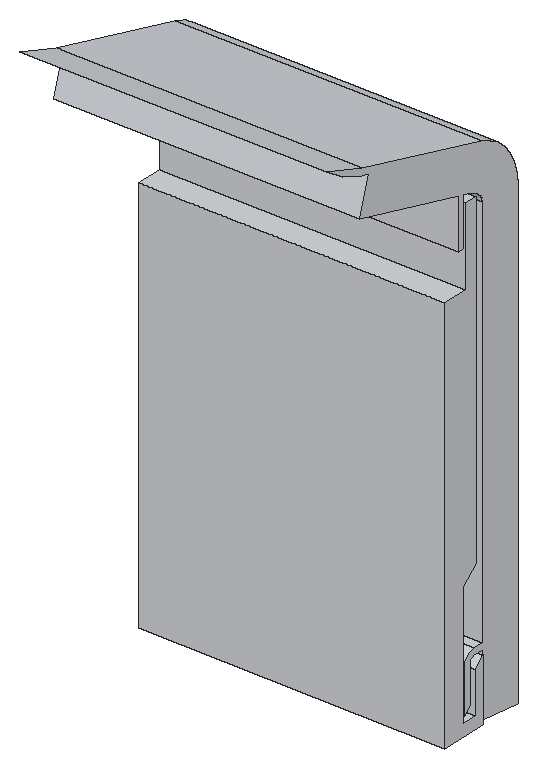
Revit family "HansWeitzel_2048", category Allgemeines Modell, Revit 2017
Family settings
  Basisbauteil = Wand
  Kann Basisbauteil für Bewehrung sein = Nein
  Bemaßung runder Anschluss = Durchmesser verwenden
  Teiletyp = Normal
  Immer vertikal = Ja
  Beim Laden mit Abzugskörper schneiden = Nein
  Gemeinsam genutzt = Nein
  Raumberechnungspunkt = Nein
Parameters (values of type "Type 1")
  max. Betriebstemperatur (°C) = 90
  Werkstoff = "Acryl"
  Wandmontage möglich = yes
  Typname = "HZ-Stoßverbinder SLF Esche weiß"
  Tiefe (mm) = 30
  Profilart = "Anschlussprofi"
  Menge pro Verpackungseinheit = 10
  Length3 = 50 mm
  Length2 = 50 mm
  Length1 = 50 mm
  Ist Zubehör = no
  Ist System = no
  Höhe [mm] = 97
  Hersteller = "Hans Weitzel GmbH & Co. KG"
  HeinzeBIM = "https://www.heinze.de/bim/hz-stossverbinder-slf-esche-weiss/1f2fe051dfe09f7cf0cb9a4470e9be40e72b96a8"
  HAN = "2048"
  Gewicht unverpackt (netto) [kg] = 0.008
  GTIN = "4022023220117"
  Farbton = "Holzart/Holzdekor"
  Dekor = "Esche weiß"
  Breite [mm] = 45
  Beschreibung = "HZ-Stoßverbinder SLF Esche weiß für HZ-Sockelleiste SLF nur mit SCH2158"
  BIMSITE_PRODUCT_ID = "1f2fe051dfe09f7cf0cb9a4470e9be40e72b96a8"
  BIM = "https://media.live.bim.site/t/eyJhbGciOiJIUzI1NiIsInR5cCI6IkpXVCJ9.eyJjdCI6MSwidGYiOiJwdWJsaWMvaGFucy13ZWl0emVsLWdtYmgtY28ta2cvMjI1MGEyZS9IWl9TTEZfU3Rvc3N2ZXJiaW5kZXIucmZhIiwiY2lkIjoiZmVkOThlOWEtMWJkOC00YzY4LWE3M2ItNzRhOTRlMzE1ODIzIiwicmlkIjoiZDI0NjgzMTllZDY2NjM0ZDA4ZjIzYjgyNzA4MDRjOGUiLCJwaWQiOiIxZjJmZTA1MWRmZTA5ZjdjZjBjYjlhNDQ3MGU5YmU0MGU3MmI5NmE4Iiwic2lkIjoiNjM1NTgiLCJ1dCI6NSwibGMiOiJkZSIsImlhdCI6MTU4MDEyMjgyNywiaXNzIjoiaHR0cHM6Ly9hcGkubGl2ZS5iaW0uc2l0ZSIsInN1YiI6ImY1ODZjNGI2LWE1MDgtNDI3YS05ODE4LTEzMTc5NjY1NzZiYyJ9.sIHIsCzf5XRV1_uoxnygdjMgRGgXMWQu2fhZxV5lWv8/HZ_SLF_Stossverbinder.rfa"
Reference planes
  plane 1 "Wall": y = 0
  plane 2 "Center (Left/Right)": x = 125
  plane 3 "Back": y = 75
Text (mm)
  text "Placement side" at (0, 1409.804, 2854.306), in view "Left"
  text "Placement side" at (0, 499.811, 2980.732), in view "Right"
Dimensions and locks
  locked: plane 3 "Back" to host wall
  aligned and locked: plane 1 "Wall" to host wall
  aligned and locked: nested 1 to plane 3 "Back"
  aligned and locked: nested 2 to plane 3 "Back"
  aligned and locked: nested 2 to plane 2 "Center (Left/Right)"
  aligned and locked: nested 1 to plane 2 "Center (Left/Right)"
Nested families
  nested 1: "HZ_SLF_Part2" at (125, 75, 0) x (-1, 0, 0) z (0, 0, 1), type "HZ_SLF_Part2"
    with Length2 50 mm
  nested 2: "HZ_SLF_Profil" at (125, 75, 0) x (-1, 0, 0) z (0, 0, 1), type "HZ_SLF_Profil"
Definition of nested family "HZ_SLF_Part2"
  Parameters
    Length2 = 400 mm
  Reference planes
    plane 1 "Center (Front/Back)": y = 0
    plane 2: z = 0
    plane 3 "Center (Left/Right)": x = 0
    plane 4: z = 78
  Forms (mm)
    Extrusion 1, solid, detail levels fine
      sketch origin (0, 0, 0) x (0, 1, 0) y (0, 0, 1)
        loop
          line (-28, 65.25) -> (-28, 78) -> (-30, 78) -> (-30, 24.25) -> (-27.5, 22) -> (-27.5, 2) -> (-30, 2) -> (-30, 8.75) -> (-31.5, 10.25) -> (-31.5, 0) -> (-23.75, 0) -> (-23.75, 65.25) -> (-28, 65.25)
      from -200 to 200
    Extrusion 2, solid, detail levels medium
      sketch origin (0, 0, 0) x (0, 1, 0) y (0, 0, 1)
        loop
          line (-28, 65.25) -> (-28, 78) -> (-30, 78) -> (-30, 22) -> (-27.5, 22) -> (-27.5, 2) -> (-30, 2) -> (-30, 8.75) -> (-31.5, 8.75) -> (-31.5, 0) -> (-23.75, 0) -> (-23.75, 65.25) -> (-28, 65.25)
      from -200 to 200
    Extrusion 3, solid, detail levels coarse
      sketch origin (0, 0, 0) x (0, 1, 0) y (0, 0, 1)
        loop
          line (-31.5, 78) -> (-31.5, 0) -> (-23.75, 0) -> (-23.75, 78) -> (-31.5, 78)
      from -200 to 200
  Dimensions and locks
    equal spacing: Extrusion 1, plane 3 "Center (Left/Right)", Extrusion 1
    "Length2": Extrusion 1 to Extrusion 1
    aligned and locked: level to plane 2
    aligned and locked: Extrusion 3 to Extrusion 1  (x2)
    aligned and locked: Extrusion 2 to Extrusion 3  (x2)
  Automatic sketch dimensions
    Extrusion 1 sketch curve to level = 0 mm
    level to Extrusion 1 sketch curve = 10.25 mm
    plane 1 "Center (Front/Back)" to Extrusion 1 sketch curve = 31.5 mm
    Extrusion 1 sketch curve to Extrusion 1 sketch curve = 1.5 mm  (x2)
    level to Extrusion 1 sketch curve = 8.75 mm
    Extrusion 1 sketch curve to Extrusion 1 sketch curve = 2 mm
    Extrusion 1 sketch curve to Extrusion 1 sketch curve = 2.5 mm
    Extrusion 1 sketch curve to Extrusion 1 sketch curve = 4.25 mm
    level to Extrusion 1 sketch curve = 2 mm
    Extrusion 1 sketch curve to Extrusion 1 sketch curve = 11.75 mm
    Extrusion 1 sketch curve to Extrusion 1 sketch curve = 2.25 mm
    Extrusion 1 sketch curve to Extrusion 1 sketch curve = 41 mm
    Extrusion 1 sketch curve to Extrusion 1 sketch curve = 12.75 mm
    Extrusion 2 sketch curve to level = 0 mm
    plane 1 "Center (Front/Back)" to Extrusion 2 sketch curve = 31.5 mm
    Extrusion 2 sketch curve to Extrusion 2 sketch curve = 1.5 mm
    Extrusion 2 sketch curve to Extrusion 2 sketch curve = 2 mm
    Extrusion 2 sketch curve to Extrusion 2 sketch curve = 4.25 mm
    level to Extrusion 2 sketch curve = 2 mm
    Extrusion 2 sketch curve to Extrusion 2 sketch curve = 12.75 mm
    Extrusion 2 sketch curve to Extrusion 2 sketch curve = 2.5 mm
    Extrusion 2 sketch curve to Extrusion 2 sketch curve = 43.25 mm
    Extrusion 2 sketch curve to Extrusion 2 sketch curve = 0 mm
    Extrusion 2 sketch curve to Extrusion 2 sketch curve = 6.75 mm
    Extrusion 2 sketch curve to Extrusion 2 sketch curve = 13.25 mm
    Extrusion 3 sketch curve to level = 0 mm
    Extrusion 3 sketch curve to Extrusion 3 sketch curve = 7.75 mm
    plane 1 "Center (Front/Back)" to Extrusion 3 sketch curve = 31.5 mm
    level to Extrusion 3 sketch curve = 78 mm
Definition of nested family "HZ_SLF_Profil"
  Parameters
    Length3 = 50 mm
  Reference planes
    plane 1 "Center (Front/Back)": y = 0
    plane 2: z = 0
    plane 3 "Center (Left/Right)": x = 0
    plane 4: z = 95
  Forms (mm)
    Extrusion 1, solid, detail levels fine
      sketch origin (0, 0, 0) x (0, 1, 0) y (0, 0, 1)
        loop
          line (-38.561, 76.002) -> (-38.561, 0) -> (-31.5, 0.791) -> (-31.5, 11) -> (-29.75, 11)
          arc (-29.75, 11) -> (-29.043, 10.707) -> (-28.75, 10) r 1
          line (-28.75, 10) -> (-28.75, 4) -> (-27.75, 3) -> (-27.75, 10)
          arc (-27.75, 10) -> (-28.336, 11.414) -> (-29.75, 12) r 2
          line (-29.75, 12) -> (-31.5, 12) -> (-31.5, 76.545)
          arc (-31.5, 76.545) -> (-30.751, 77.994) -> (-29.355, 78.837) r 3
          line (-29.355, 78.837) -> (-27.5, 79.347) -> (-27.5, 71.5) -> (-26.5, 71.5) -> (-26.5, 79.621) -> (-6.471, 85.123) -> (-8.262, 90.853) -> (-6.8, 91.255)
          arc (-6.8, 91.255) -> (-2.978, 92.748) -> (0.452, 95) r 19.703
          arc (0.452, 95) -> (-3.246, 93.447) -> (-7.065, 92.219) r 46.507
          line (-7.065, 92.219) -> (-31.209, 85.587)
          arc (-31.209, 85.587) -> (-36.496, 82.03) -> (-38.561, 76.002) r 10
      from -25 to 25
    Extrusion 2, solid, detail levels medium
      sketch origin (0, 0, 0) x (0, 1, 0) y (0, 0, 1)
        loop
          line (-7.065, 92.219) -> (-31.209, 85.587)
          arc (-31.209, 85.587) -> (-36.496, 82.03) -> (-38.561, 76.002) r 10
          line (-38.561, 76.002) -> (-38.561, 0) -> (-31.5, 0.791) -> (-31.5, 11) -> (-28.75, 11) -> (-28.75, 3) -> (-27.75, 3) -> (-27.75, 12) -> (-31.5, 12) -> (-31.5, 76.545)
          arc (-31.5, 76.545) -> (-30.751, 77.994) -> (-29.355, 78.837) r 3
          line (-29.355, 78.837) -> (-27.5, 79.347) -> (-27.5, 71.5) -> (-26.5, 71.5) -> (-26.5, 79.621) -> (-6.471, 85.123) -> (0.452, 95)
          arc (0.452, 95) -> (-3.246, 93.447) -> (-7.065, 92.219) r 46.507
      from -25 to 25
    Extrusion 3, solid, detail levels coarse
      sketch origin (0, 0, 0) x (0, 1, 0) y (0, 0, 1)
        loop
          line (-38.561, 0) -> (0.452, 0) -> (0.452, 95) -> (-38.561, 95) -> (-38.561, 0)
      from -25 to 25
  Dimensions and locks
    equal spacing: Extrusion 3, plane 3 "Center (Left/Right)", Extrusion 3
    "Length3": Extrusion 3 to Extrusion 3
    aligned and locked: level to plane 2
    aligned and locked: Extrusion 1 to Extrusion 3
    aligned and locked: Extrusion 2 to Extrusion 3
    aligned and locked: Extrusion 3 to Extrusion 1
    aligned and locked: Extrusion 3 to Extrusion 2
  Automatic sketch dimensions
    plane 1 "Center (Front/Back)" to Extrusion 3 sketch curve = 38.561 mm
    Extrusion 3 sketch curve to plane 1 "Center (Front/Back)" = 0.452 mm
    Extrusion 3 sketch curve to level = 0 mm
    level to Extrusion 3 sketch curve = 95 mm
    Extrusion 2 sketch curve to Extrusion 2 sketch curve = 0 mm  (x2)
    Extrusion 2 sketch curve to level = 0 mm
    Extrusion 2 sketch curve to plane 4 = 0 mm
    plane 1 "Center (Front/Back)" to Extrusion 2 sketch curve = 38.561 mm
    level to Extrusion 2 sketch curve = 0.791 mm
    Extrusion 2 sketch curve to Extrusion 2 sketch curve = 7.061 mm  (x2)
    Extrusion 2 sketch curve to plane 4 = 9.413 mm
    Extrusion 2 sketch curve to Extrusion 2 sketch curve = 0.291 mm
    Extrusion 2 sketch curve to plane 4 = 16.163 mm
    Extrusion 2 sketch curve to Extrusion 2 sketch curve = 2.145 mm
    Extrusion 2 sketch curve to Extrusion 2 sketch curve = 2.75 mm
    Extrusion 2 sketch curve to Extrusion 2 sketch curve = 2.939 mm
    Extrusion 2 sketch curve to Extrusion 2 sketch curve = 1 mm  (x3)
    Extrusion 2 sketch curve to Extrusion 2 sketch curve = 1.061 mm
    plane 1 "Center (Front/Back)" to Extrusion 2 sketch curve = 19.383 mm
    plane 1 "Center (Front/Back)" to Extrusion 2 sketch curve = 7.065 mm
    plane 1 "Center (Front/Back)" to Extrusion 2 sketch curve = 6.471 mm
    level to Extrusion 2 sketch curve = 3 mm
    Extrusion 2 sketch curve to Extrusion 2 sketch curve = 8 mm
    Extrusion 2 sketch curve to Extrusion 2 sketch curve = 7.337 mm
    Extrusion 2 sketch curve to Extrusion 2 sketch curve = 2.893 mm
    Extrusion 2 sketch curve to Extrusion 2 sketch curve = 0.51 mm
    Extrusion 2 sketch curve to Extrusion 2 sketch curve = 0.275 mm
    Extrusion 2 sketch curve to plane 4 = 9.877 mm
    Extrusion 2 sketch curve to plane 4 = 2.781 mm
    plane 4 to Extrusion 2 sketch curve = 42.065 mm
    Extrusion 1 sketch curve to Extrusion 1 sketch curve = 0 mm  (x5)
    Extrusion 1 sketch curve to level = 0 mm
    Extrusion 1 sketch curve to plane 4 = 0 mm
    plane 1 "Center (Front/Back)" to Extrusion 1 sketch curve = 38.561 mm
    level to Extrusion 1 sketch curve = 0.791 mm
    Extrusion 1 sketch curve to Extrusion 1 sketch curve = 7.061 mm
    Extrusion 1 sketch curve to plane 4 = 9.413 mm
    Extrusion 1 sketch curve to Extrusion 1 sketch curve = 0.291 mm
    Extrusion 1 sketch curve to Extrusion 1 sketch curve = 1.75 mm
    Extrusion 1 sketch curve to plane 4 = 16.163 mm
    Extrusion 1 sketch curve to Extrusion 1 sketch curve = 2.145 mm
    level to Extrusion 1 sketch curve = 4 mm
    Extrusion 1 sketch curve to Extrusion 1 sketch curve = 2.75 mm
    Extrusion 1 sketch curve to Extrusion 1 sketch curve = 2.939 mm
    Extrusion 1 sketch curve to Extrusion 1 sketch curve = 1 mm  (x3)
    Extrusion 1 sketch curve to Extrusion 1 sketch curve = 1.855 mm
    plane 1 "Center (Front/Back)" to Extrusion 1 sketch curve = 19.383 mm
    plane 1 "Center (Front/Back)" to Extrusion 1 sketch curve = 12.019 mm
    plane 1 "Center (Front/Back)" to Extrusion 1 sketch curve = 8.262 mm
    Extrusion 1 sketch curve to Extrusion 1 sketch curve = 1.197 mm
    Extrusion 1 sketch curve to Extrusion 1 sketch curve = 1.791 mm
    Extrusion 1 sketch curve to Extrusion 1 sketch curve = 6 mm
    Extrusion 1 sketch curve to Extrusion 1 sketch curve = 7.337 mm
    Extrusion 1 sketch curve to Extrusion 1 sketch curve = 2.893 mm
    Extrusion 1 sketch curve to Extrusion 1 sketch curve = 0.51 mm
    Extrusion 1 sketch curve to Extrusion 1 sketch curve = 0.275 mm
    Extrusion 1 sketch curve to plane 4 = 9.877 mm
    Extrusion 1 sketch curve to plane 4 = 4.147 mm
    Extrusion 1 sketch curve to Extrusion 1 sketch curve = 1.366 mm
    plane 4 to Extrusion 1 sketch curve = 15.254 mm
    Extrusion 1 sketch curve to Extrusion 1 sketch curve = 26.811 mm
    Extrusion 1 sketch curve to Extrusion 1 sketch curve = 0.265 mm
